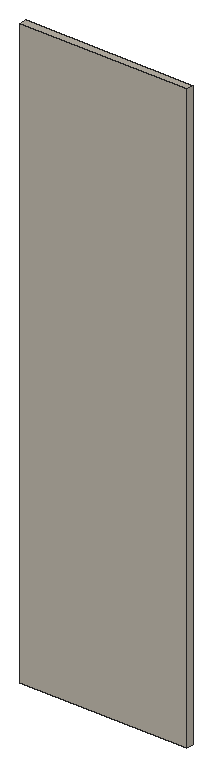
Revit family "Syntesis Areo 3 Lati", category Porte, host Muro, Revit 2018
Family settings
  Host = Muro
  Numero OmniClass = 23.30.10.00
  Titolo OmniClass = Doors
  Sempre verticale = Sì
  Taglio con vuoti quando caricato = No
  Condiviso = No
  Punto di calcolo locali = No
Parameters (values of type "LxH")
  URL Informazioni Tecniche = "https://www.eclisse.it/it/supporto/prodotto/syntesis-areo/"
  URL = "https://www.eclisse.it/it/prodotti/collezione/syntesis-collection/syntesis-areo/"
  Tipologia Muro = "QUALSIASI"  # constant formula
  Produttore = "ECLISSE"  # constant formula
  NOTE PER L'USO DEI FILE = " L e H modificabili (seguire listino)"  # constant formula
  Modello = "SYNTESIS AREO 3 LATI"  # constant formula
  Materiale Pannello Porta [instance] = Pioppo
  L [instance] = 400 mm
  IfcExportType = ""
  IfcExportAs = ""
  H [instance] = 1500 mm
  Descrizione = "SPORTELLI FILO MURO"  # constant formula
Reference planes
  plane 1 "Muro": y = 0
  plane 2 "Centro (Sinistra/Destra)": x = 125
  plane 3 "Indietro": y = 75
  plane 4: x = -75
  plane 5: x = 325
  plane 6: x = -90
  plane 7: x = 340
  plane 8: z = 1500
  plane 9: z = 1515
  plane 10: y = -60
  plane 11: y = 54.5
Forms (mm)
  Extrusion 1, void
    sketch origin (0, 0, 0) x (1, 0, 0) y (0, 0, 1)
      loop
        line (340, 0) -> (340, 1515) -> (-90, 1515) -> (-90, 0) -> (340, 0)
    from -75 to -54.5
  Extrusion 2, void
    sketch origin (0, 0, 0) x (1, 0, 0) y (0, 0, 1)
      loop
        line (325, 0) -> (325, 1500) -> (-75, 1500) -> (-75, 0) -> (325, 0)
    from -54.5 to 60
Text (mm)
  text "Lato posizionamento" at (-1848.837, 1116.779, 0), in view "Livello rif."
  text "Lato posizionamento" at (0, 1409.804, 2854.306), in view "Sinistra"
  text "Lato posizionamento" at (0, 499.811, 2980.732), in view "Destra"
Dimensions and locks
  locked: plane 3 "Indietro" to host wall
  equal spacing: plane 4, plane 2 "Centro (Sinistra/Destra)", plane 5
  "L": plane 4 to plane 5
  locked: plane 6 to plane 4 at 15
  locked: plane 5 to plane 7 at 15
  locked: plane 8 to plane 9 at 15
  locked: plane 10 to host wall at 15
  locked: plane 3 "Indietro" to plane 11 at 20.5
  "H": level to plane 8
  aligned and locked: plane 1 "Muro" to host wall
  aligned and locked: Extrusion 1 sketch curve to plane 7
  aligned and locked: plane 9 to Extrusion 1 sketch curve
  aligned and locked: plane 6 to Extrusion 1 sketch curve
  aligned and locked: host wall to Extrusion 1
  aligned and locked: Extrusion 1 to plane 11
  aligned and locked: plane 5 to Extrusion 2 sketch curve
  aligned and locked: plane 8 to Extrusion 2 sketch curve
  aligned and locked: Extrusion 2 sketch curve to plane 4
  aligned and locked: plane 11 to Extrusion 2
  aligned and locked: Extrusion 2 to plane 10
  aligned and locked: nested 1 to plane 5
  aligned and locked: nested 1 to plane 3 "Indietro"
  aligned and locked: nested 2 to plane 4
  aligned and locked: plane 3 "Indietro" to nested 2
  aligned and locked: plane 8 to nested 3
  aligned and locked: nested 3 to host wall
  aligned and locked: Extrusion 1 to level
  aligned and locked: Extrusion 2 to level
  aligned and locked: nested 4 to plane 2 "Centro (Sinistra/Destra)"
  aligned and locked: nested 4 to plane 3 "Indietro"
  aligned and locked: level to nested 4
  aligned and locked: plane 2 "Centro (Sinistra/Destra)" to nested 5
  aligned and locked: level to nested 5
  aligned and locked: nested 5 to plane 3 "Indietro"
Automatic sketch dimensions
  Extrusion 1 sketch curve to level = 0 mm
  Extrusion 2 sketch curve to level = 0 mm
Nested families
  nested 1: "Dettaglio Areo" at (325, 75, 0) x (-1, 0, 0) z (0, 0, 1), type "Dettaglio Areo", detail levels fine
  nested 2: "Dettaglio Areo" at (-75, 75, 0), type "Dettaglio Areo", detail levels fine
  nested 3: "Dettaglio Areo" at (125, 75, 1500) x (0, 0, -1) z (1, 0, 0), type "Dettaglio Areo"
  nested 4: "Telaio 3 Lati" at (125, 75, 0) x (-1, 0, 0) z (0, 0, 1), L <- "L", H <- "H", type "Telaio 3 Lati"
    with L 400 mm, H 1500 mm
  nested 5: "Pannello porta 3 Lati" at (125, 57, 0), Materiale Pannello Porta <- "Materiale Pannello Porta", L <- "L", H <- "H", type "Pannello porta 3 Lati"
    with Materiale Pannello Porta Pioppo, LP 426 mm, L 400 mm, HP 1508 mm, H 1500 mm
Definition of nested family "Pannello porta 3 Lati"
  Parameters (values of type "Pannello porta 3 Lati")
    Materiale Pannello Porta [instance] = none
    LP [instance] = L + 26 mm  # 826 mm
    L [instance] = 800 mm
    HP [instance] = H + 8 mm  # 408 mm
    H [instance] = 400 mm
  Reference planes
    plane 1 "Centro (Fronte/Retro)": y = 0
    plane 2: z = 0
    plane 3 "Centro (Sinistra/Destra)": x = 0
    plane 4: x = -413
    plane 5: x = 413
    plane 6: z = 5
    plane 7: z = 413
    plane 8: y = 18
  Forms (mm)
    Extrusion 1, solid, material <- "Materiale Pannello Porta"
      sketch origin (0, 0, 0) x (1, 0, 0) y (0, 1, 0)
        loop
          line (-413, 0) -> (413, 0) -> (413, 18) -> (-413, 18) -> (-413, 0)
      from 5 to 413
  Dimensions and locks
    equal spacing: plane 4, plane 3 "Centro (Sinistra/Destra)", plane 5
    "LP": plane 4 to plane 5
    "HP": plane 7 to plane 6
    locked: plane 1 "Centro (Fronte/Retro)" to plane 8 at 18
    locked: plane 6 to level at 5
    aligned and locked: level to plane 2
    aligned and locked: plane 1 "Centro (Fronte/Retro)" to Extrusion 1 sketch curve
    aligned and locked: Extrusion 1 sketch curve to plane 4
    aligned and locked: Extrusion 1 sketch curve to plane 5
    aligned and locked: plane 8 to Extrusion 1 sketch curve
    aligned and locked: plane 7 to Extrusion 1
    aligned and locked: Extrusion 1 to plane 6
Definition of nested family "Dettaglio Areo"
  Reference planes
    plane 1 "Centro (Fronte/Retro)": y = 0
    plane 2: z = 0
    plane 3 "Centro (Sinistra/Destra)": x = 0
  Dimensions and locks
    aligned and locked: plane 3 "Centro (Sinistra/Destra)" to import instance
    aligned and locked: plane 1 "Centro (Fronte/Retro)" to import instance
Definition of nested family "Telaio 3 Lati"
  Parameters (values of type "Telaio 3 Lati")
    Materiale Controtelaio = none
    L [instance] = 500 mm
    H [instance] = 1000 mm
  Reference planes
    plane 1 "Centro (Fronte/Retro)": y = 0
    plane 2: z = 0
    plane 3 "Centro (Sinistra/Destra)": x = 0
    plane 4: x = -250
    plane 5: x = 250
    plane 6: z = 1000
  Forms (mm)
    Sweep 1, solid, material <- "Materiale Controtelaio", detail levels medium
      path origin (0, 0, 0) x (1, 0, 0) y (0, 0, 1)
        loop
          line (-250, 0) -> (-250, 1000) -> (250, 1000) -> (250, 0)
      profile origin (-250, 0, 500) x (-1, 0, 0) y (0, -1, 0)
        loop
          line (35, -88.3) -> (35, -13.3) -> (18.5, -13.3) -> (18.5, -1) -> (16, -1) -> (16, -21.5) -> (1, -21.5) -> (1, -88.3) -> (35, -88.3)
  Dimensions and locks
    equal spacing: plane 4, plane 3 "Centro (Sinistra/Destra)", plane 5
    "L": plane 4 to plane 5
    locked: import instance to plane 4 at 1
    locked: plane 1 "Centro (Fronte/Retro)" to import instance at 1
    "H": plane 6 to level
    aligned and locked: level to plane 2
    aligned and locked: Sweep 1 sketch curve to import instance  (x8)
  Automatic sketch dimensions
    Sweep 1 sketch curve to plane 4 = 0 mm
    plane 5 to Sweep 1 sketch curve = 0 mm
    Sweep 1 sketch curve to level = 0 mm  (x2)
    Sweep 1 sketch curve to plane 6 = 0 mm
